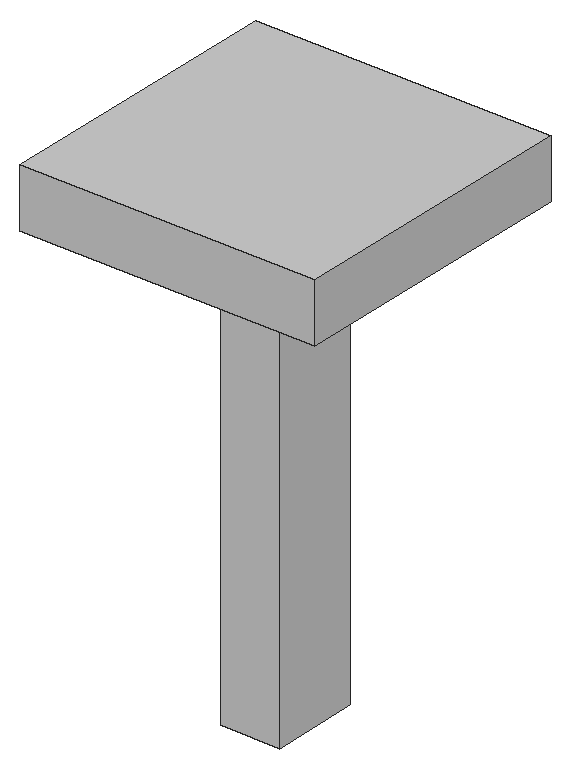
Revit family "a98be99694a241c98272f904439f1c72", category Structural Columns, Revit 2021
Family settings
  Display in Hidden Views = Edges Hidden by Other Members
  Section Shape = Not Defined
  Material for Model Behavior = Concrete
  Always export as geometry = No
  Beam cutback in plan = From bounding box
  OmniClass Number = 23.25.30.11.14.11
  OmniClass Title = Columns
  Seek Item ID = Concrete-Rectangular-Column with Drop Caps-0000-USA-ENU
  Cut with Voids When Loaded = No
  Symbolic Representation = From Family
  Shared = No
  Show family pre-cut in plan views = No
Parameters (values of type "12 x 18")
  Structural Material [instance] = Concrete, Cast-in-Place gray
  Show Drop Panel [instance] = yes
  Show Capital [instance] = yes
  Height 1 [instance] = if(Show Capital, Capital Height, 0' 0")  # 1' - 0"
  Drop Panel Length = 5' - 0"
  Slab Thickness = 0' - 5"
  Drop Panel Width = 5' - 0"
  Drop Panel Thickness = 1' - 0"
  Capital Top Length = 3' - 0"
  Capital Top Width = 3' - 6"
  Capital Top Offset [instance] = if(Show Drop Panel, Drop Panel Thickness, 0' 0")  # 1' - 0"
  Capital Height = 1' - 0"
  Assembly Code = "B10"
  b = 1' - 0"
  h = 1' - 6"
Types (4): name | b | h
  (no name) | 1' - 0" | 1' - 6"
  12 x 18 | 1' - 0" | 1' - 6"
  18 x 24 | 1' - 6" | 2' - 0"
  24 x 30 | 2' - 0" | 2' - 6"
Reference planes (in)
  plane 1 "Center (Front/Back)": y = 0
  plane 2: z = 0
  plane 3 "Center (Left/Right)": x = 0
  plane 4: x = -6
  plane 5: x = 6
  plane 6: y = 9
  plane 7: y = -9
  plane 8: z = 108
  plane 9: z = 103
  plane 10: z = 91
  plane 11: z = 79
  plane 12: z = 79
  plane 13: x = -30
  plane 14: x = 30
  plane 15: y = 30
  plane 16: y = -30
  plane 17: x = -18
  plane 18: x = 18
  plane 19: y = 21
  plane 20: y = -21
  plane 21: z = 91
Forms (in)
  Extrusion 1, solid, material "Concrete, Cast-in-Place gray" <- "Structural Material"
    sketch origin (0, 0, 0) x (1, 0, 0) y (0, 1, 0)
      loop
        line (-6, 9) -> (-6, -9) -> (6, -9) -> (6, 9) -> (-6, 9)
    from 0 to 79
Lines and regions (in)
  symbolic lines, style "HiddenStructuralColumnLines"
    curve 1: line (-6, 9, 0) -> (6, 9, 0)
    curve 2: line (-6, -9, 0) -> (-6, 9, 0)
    curve 3: line (6, -9, 0) -> (-6, -9, 0)
    curve 4: line (6, 9, 0) -> (6, -9, 0)
Dimensions and locks (in)
  equal spacing: plane 4, plane 3 "Center (Left/Right)", plane 5
  equal spacing: plane 7, plane 1 "Center (Front/Back)", plane 6
  "h": plane 7 to plane 6
  "b": plane 4 to plane 5
  "Drop Panel Thickness": plane 9 to plane 10
  "Slab Thickness": plane 8 to plane 9
  plane 11 to plane 2 = 6' - 7"
  "Drop Panel Length": plane 13 to plane 14
  equal spacing: plane 13, plane 3 "Center (Left/Right)", plane 14
  "Drop Panel Width": plane 16 to plane 15
  equal spacing: plane 15, plane 1 "Center (Front/Back)", plane 16
  "Capital Top Length": plane 17 to plane 18
  equal spacing: plane 17, plane 3 "Center (Left/Right)", plane 18
  "Capital Top Width": plane 20 to plane 19
  equal spacing: plane 20, plane 1 "Center (Front/Back)", plane 19
  "Capital Top Offset": plane 9 to plane 21
  "Capital Height": plane 21 to plane 11
  "Height 1": plane 21 to plane 12
  aligned and locked: level to plane 2
  aligned and locked: level to plane 8
  aligned and locked: plane 9 to nested 1
  aligned and locked: nested 1 to plane 10
  aligned and locked: nested 1 to plane 13  (x2)
  aligned and locked: plane 14 to nested 1  (x2)
  aligned and locked: plane 15 to nested 1
  aligned and locked: plane 16 to nested 1
  aligned and locked: plane 19 to nested 2
  aligned and locked: plane 20 to nested 2
  aligned and locked: nested 2 to plane 17
  aligned and locked: nested 2 to plane 18
  aligned and locked: plane 6 to Extrusion 1 sketch curve
  aligned and locked: Extrusion 1 sketch curve to plane 7
  aligned and locked: Extrusion 1 sketch curve to plane 4
  aligned and locked: plane 5 to Extrusion 1 sketch curve
  aligned and locked: plane 12 to Extrusion 1
  aligned and locked: nested 2 to plane 11
  aligned and locked: plane 21 to nested 2
  aligned and locked: plane 4 to curve 1
  aligned and locked: plane 6 to curve 1
  aligned and locked: plane 7 to curve 4
  aligned and locked: plane 5 to curve 4
Nested families (in)
  nested 1: "Flat Drop Cap" at (0, 0, 108), visible <- "Show Drop Panel", type "Flat Drop Cap"
  nested 2: "Rectangular Blend Capital" at (0, 0, 96), visible <- "Show Capital", type "Rectangular Blend Capital"
Definition of nested family "Flat Drop Cap"
  Parameters
    Slab Thickness = 0' - 5"
    Default Elevation = 0' - 0"
    Cap Material = none
    Drop Panel Width = 5' - 0"
    Drop Panel Thickness = 1' - 0"
    Drop Panel Length = 5' - 0"
    Assembly Code = ""
  Reference planes (in)
    plane 1 "Center (Front/Back)": y = 0
    plane 2: z = 0
    plane 3 "Center (Left/Right)": x = 0
    plane 4: y = 30
    plane 5: y = -30
    plane 6: x = -30
    plane 7: x = 30
    plane 8: z = -5
    plane 9: z = -17
  Forms (in)
    Extrusion 1, solid, material <- "Cap Material"
      sketch origin (0, 0, 0) x (1, 0, 0) y (0, 1, 0)
        loop
          line (-30, 30) -> (-30, -30) -> (30, -30) -> (30, 30) -> (-30, 30)
      from -5 to -17
  Dimensions and locks (in)
    "Drop Panel Length": plane 6 to plane 7
    "Drop Panel Width": plane 4 to plane 5
    equal spacing: plane 6, plane 3 "Center (Left/Right)", plane 7
    equal spacing: plane 4, plane 1 "Center (Front/Back)", plane 5
    "Slab Thickness": plane 2 to plane 8
    "Drop Panel Thickness": plane 8 to plane 9
    aligned and locked: plane 2 to level
    aligned and locked: plane 6 to Extrusion 1 sketch curve
    aligned and locked: Extrusion 1 sketch curve to plane 4
    aligned and locked: plane 5 to Extrusion 1 sketch curve
    aligned and locked: Extrusion 1 sketch curve to plane 7
    aligned and locked: Extrusion 1 to plane 9
    aligned and locked: plane 8 to Extrusion 1
Definition of nested family "Rectangular Blend Capital"
  Parameters
    Slab Thickness = 0' - 5"
    Default Elevation = 0' - 0"
    Cap Material = none
    Cap Top Width = 3' - 6"
    Cap Top Length = 3' - 0"
    Cap Thickness = 1' - 0"
    Cap Base Width = 1' - 6"
    Cap Base Length = 1' - 0"
    Assembly Code = ""
  Reference planes (in)
    plane 1 "Center (Front/Back)": y = 0
    plane 2: z = 0
    plane 3 "Center (Left/Right)": x = 0
    plane 4: y = 9
    plane 5: y = -9
    plane 6: x = -6
    plane 7: x = 6
    plane 8: y = 21
    plane 9: x = -18
    plane 10: x = 18
    plane 11: y = -21
    plane 12 "Cap Top": z = -5
    plane 13 "Cap Base": z = -17
  Forms (in)
    Blend 1, solid, material <- "Cap Material"
      base sketch origin (0, 0, -5) x (-1, 0, 0) y (0, -1, 0)
        loop
          line (6, -9) -> (6, 9) -> (-6, 9) -> (-6, -9) -> (6, -9)
      top sketch origin (0, 0, -17) x (-1, 0, 0) y (0, -1, 0)
        loop
          line (18, -21) -> (18, 21) -> (-18, 21) -> (-18, -21) -> (18, -21)
      from -12 to 12
  Dimensions and locks (in)
    "Cap Base Length": plane 6 to plane 7
    "Cap Base Width": plane 4 to plane 5
    equal spacing: plane 6, plane 3 "Center (Left/Right)", plane 7
    equal spacing: plane 4, plane 1 "Center (Front/Back)", plane 5
    "Cap Top Length": plane 9 to plane 10
    "Cap Top Width": plane 11 to plane 8
    equal spacing: plane 9, plane 3 "Center (Left/Right)", plane 10
    equal spacing: plane 11, plane 1 "Center (Front/Back)", plane 8
    "Slab Thickness": plane 2 to plane 12 "Cap Top"
    "Cap Thickness": plane 12 "Cap Top" to plane 13 "Cap Base"
    aligned and locked: plane 2 to level
    aligned and locked: plane 6 to Blend 1 sketch curve
    aligned and locked: Blend 1 sketch curve to plane 4
    aligned and locked: plane 5 to Blend 1 sketch curve
    aligned and locked: Blend 1 sketch curve to plane 7
    aligned and locked: plane 9 to Blend 1 sketch curve
    aligned and locked: Blend 1 sketch curve to plane 8
    aligned and locked: plane 11 to Blend 1 sketch curve
    aligned and locked: plane 10 to Blend 1 sketch curve
    aligned and locked: Blend 1 to plane 13 "Cap Base"
    aligned and locked: plane 12 "Cap Top" to Blend 1
